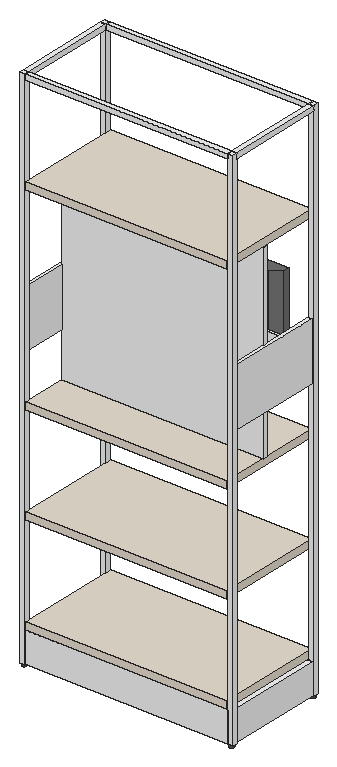
Revit family "Lives Shelf_Monitor unit 900W450D2236H_ML1HHLN_m01", category Furniture, Revit 2019
Family settings
  OmniClass Number = 23.40.20.00
  OmniClass Title = General Furniture and Specialties
  Work Plane-Based = No
  Always vertical = Yes
  Cut with Voids When Loaded = No
  Shared = No
  Room Calculation Point = No
Parameters (values of type "MU03（プライズウッドライト/ネオホワイト）")
  Manufacturer = "株式会社オカムラ"
  製品名称 [instance] = "ライブス シェルフ"  # constant formula
  製品仕様 [instance] = "モニターユニット ハイポジション用 木棚板"  # constant formula
  製品コード/色仕様 = "ML1HHE"  # constant formula
  製品コード [instance] = "ML1HHE"  # constant formula
  製品カテゴリ = "クリエイティブファニチュア"  # constant formula
  色仕様名称 [instance] = "プライズウッドライト/ネオホワイト"
  色仕様コード [instance] = "MU03"
  支柱 = okm_ZA75
  天板 = okm_MX61
  導入日 [instance] = ""
  区分 = "シェルフ"  # constant formula
  共通仕様 = ""
  備考 = ""
  シリアルNo [instance] = ""
  Keynote = "12490"
  Assembly Code = "E2020200"
  W = 35.43307"
  URL = "http://www.okamura.co.jp/"
  Product_URL = ""
  ID [instance] = ""
  H = 88.0315"
  D = 17.71654"
  Copyright [instance] = "©2020.04 okamura Corp."  # constant formula
Types (15): name | 色仕様名称 | 色仕様コード | 支柱 | 天板
  (no name) | "プライズウッドライト/ネオホワイト" | "MU03" | okm_ZA75 | okm_MX61
  MDY7（プライズウッドライト/ブラック） | "プライズウッドライト/ブラック" | "MDY7" | okm_Z25 | okm_MX61
  MDY8（プライズウッドミディアム/ブラック） | "プライズウッドミディアム/ブラック" | "MDY8" | okm_Z25 | okm_MX62
  MDY9（プライズウッドダーク/ブラック） | "プライズウッドダーク/ブラック" | "MDY9" | okm_Z25 | okm_MX63
  MU03（プライズウッドライト/ネオホワイト） | "プライズウッドライト/ネオホワイト" | "MU03" | okm_ZA75 | okm_MX61
  MU04（プライズウッドミディアム/ネオホワイト） | "プライズウッドミディアム/ネオホワイト" | "MU04" | okm_ZA75 | okm_MX62
  MU05（プライズウッドダーク/ネオホワイト） | "プライズウッドダーク/ネオホワイト" | "MU05" | okm_ZA75 | okm_MX63
  MGM4（ビンテージエルム/ネオホワイト） | "ビンテージエルム/ネオホワイト" | "MGM4" | okm_ZA75 | okm_MEP4
  MGM1（チョークドエルム/ネオホワイト） | "チョークドエルム/ネオホワイト" | "MGM1" | okm_ZA75 | okm_MEP1
  MGM2（ソーンオーク/ネオホワイト） | "ソーンオーク/ネオホワイト" | "MGM2" | okm_ZA75 | okm_MEP2
  MGM3（ラスティックパイン/ネオホワイト） | "ラスティックパイン/ネオホワイト" | "MGM3" | okm_ZA75 | okm_MEP3
  MGL4（ビンテージエルム/ブラック） | "ビンテージエルム/ブラック" | "MGL4" | okm_Z25 | okm_MEP4
  MGL1（チョークドエルム/ブラック） | "チョークドエルム/ブラック" | "MGL1" | okm_Z25 | okm_MEP1
  MGL2（ソーンオーク/ブラック） | "ソーンオーク/ブラック" | "MGL2" | okm_Z25 | okm_MEP2
  MGL3（ラスティックパイン/ブラック） | "ラスティックパイン/ブラック" | "MGL3" | okm_Z25 | okm_MEP3
Reference planes (in)
  plane 1 "中心(正面/背面)": y = -3.93701
  plane 2: z = 0
  plane 3 "中心(左/右)": x = -5.90551
  plane 4 "左": x = -23.62205
  plane 5 "右": x = 11.81102
  plane 6 "背面": y = 4.92126
  plane 7 "正面": y = -12.79528
  plane 8 "上": z = 88.0315
  plane 9: z = 87.20472
Forms (in)
  Extrusion 1, solid, material "okm_ZA75" <- "支柱"
    sketch origin (0, 0.04921, 0) x (1, 0, 0) y (0, 1, 0)
      loop
        line (10.88583, -11.91929) -> (10.88583, -12.74606) -> (11.7126, -12.74606) -> (11.7126, -11.91929) -> (10.88583, -11.91929)
      loop
        line (10.88583, 4.87205) -> (10.88583, 4.04528) -> (11.7126, 4.04528) -> (11.7126, 4.87205) -> (10.88583, 4.87205)
      loop
        line (-22.69685, -11.91929) -> (-23.52362, -11.91929) -> (-23.52362, -12.74606) -> (-22.69685, -12.74606) -> (-22.69685, -11.91929)
      loop
        line (-22.69685, 4.87205) -> (-23.52362, 4.87205) -> (-23.52362, 4.04528) -> (-22.69685, 4.04528) -> (-22.69685, 4.87205)
    from 0.3937 to 88.0315
  Extrusion 2, solid, material "okm_MX61" <- "天板"
    sketch origin (0, 0.04921, -7.45952) x (1, 0, 0) y (0, 1, 0)
      loop
        line (-22.61811, 4.87205) -> (-22.61811, -12.74606) -> (10.80709, -12.74606) -> (10.80709, 4.87205) -> (-22.61811, 4.87205)
    from 12.97134 to 14.15244
  Extrusion 3, solid, material "okm_ZA75" <- "支柱"
    sketch origin (0, 0.04921, 0) x (1, 0, 0) y (0, 1, 0)
      loop
        line (-23.52362, 4.04528) -> (-23.52362, -11.91929) -> (-22.69685, -11.91929) -> (-22.69685, 4.04528) -> (-23.52362, 4.04528)
      loop
        line (11.7126, 4.04528) -> (10.88583, 4.04528) -> (10.88583, -11.91929) -> (11.7126, -11.91929) -> (11.7126, 4.04528)
    from 88.0315 to 87.20472
  Extrusion 4, solid, material "okm_ZA75" <- "支柱"
    sketch origin (0, 0.04921, 18.11024) x (0, -1, 0) y (1, 0, 0)
      loop
        line (-4.04528, -22.61811) -> (-4.04528, -23.44488) -> (11.91929, -23.44488) -> (11.91929, -22.61811) -> (-4.04528, -22.61811)
      loop
        line (-4.04528, 11.63386) -> (-4.04528, 10.80709) -> (11.91929, 10.80709) -> (11.91929, 11.63386) -> (-4.04528, 11.63386)
    from -12.59843 to -17.71654
  Extrusion 5, solid, material "okm_ZA75" <- "支柱"
    sketch origin (-7.87402, -7.8248, 18.11024) x (-1, 0, 0) y (0, -1, 0)
      loop
        line (14.82283, -11.84055) -> (-18.75984, -11.84055) -> (-18.75984, -12.66732) -> (14.82283, -12.66732) -> (14.82283, -11.84055)
      loop
        line (14.82283, 4.79331) -> (-18.75984, 4.79331) -> (-18.75984, 3.96654) -> (14.82283, 3.96654) -> (14.82283, 4.79331)
    from -12.59843 to -17.71654
  Extrusion 6, solid, material "okm_G155"
    sketch origin (0, 0.04921, 0) x (1, 0, 0) y (0, 1, 0)
      loop
        circle (-23.11024, 4.45866) r 0.3937
      loop
        circle (-23.11024, -12.33268) r 0.3937
      loop
        circle (11.29921, 4.45866) r 0.3937
      loop
        circle (11.29921, -12.33268) r 0.3937
    from 0 to 0.3937
  Extrusion 7, solid, material "okm_ZA75" <- "支柱"
    sketch origin (-3.93701, 3.98622, 0) x (0, 1, 0) y (-1, 0, 0)
      loop
        line (-15.8563, -14.82283) -> (-15.8563, 18.75984) -> (-16.68307, 18.75984) -> (-16.68307, -14.82283) -> (-15.8563, -14.82283)
      loop
        line (0.93504, -14.82283) -> (0.93504, 18.75984) -> (0.10827, 18.75984) -> (0.10827, -14.82283) -> (0.93504, -14.82283)
    from 88.0315 to 87.20472
  Extrusion 8, solid, material "okm_MX61" <- "天板"
    sketch origin (0, 0.04921, 95.72642) x (1, 0, 0) y (0, 1, 0)
      loop
        line (-22.61811, 4.87205) -> (-22.61811, -12.74606) -> (10.80709, -12.74606) -> (10.80709, 4.87205) -> (-22.61811, 4.87205)
    from -24.86028 to -23.67918
  Extrusion 9, solid, material "okm_ZA75" <- "支柱"
    sketch origin (0, -3.93701, 0) x (1, 0, 0) y (0, 0, 1)
      loop
        line (-23.16929, 56.33858) -> (-23.16929, 46.69291) -> (-22.69685, 46.69291) -> (-22.69685, 56.33858) -> (-23.16929, 56.33858)
      loop
        line (10.88583, 56.33858) -> (10.88583, 46.69291) -> (11.35827, 46.69291) -> (11.35827, 56.33858) -> (10.88583, 56.33858)
    from -8.0315 to 7.93307
  Extrusion 10, solid, material "okm_ZA75" <- "支柱"
    sketch origin (-5.90551, 1.9685, 0) x (0, 1, 0) y (0, 0, 1)
      loop
        line (-7.09646, 70.70866) -> (-7.09646, 39.37008) -> (-6.50591, 39.37008) -> (-6.50591, 70.70866) -> (-7.09646, 70.70866)
      loop
        line (-4.04528, 56.22047) -> (-4.04528, 54.64567) -> (-3.41535, 54.64567) -> (-3.41535, 56.22047) -> (-4.04528, 56.22047)
      loop
        line (-3.41535, 48.38583) -> (-4.04528, 48.38583) -> (-4.04528, 46.81102) -> (-3.41535, 46.81102) -> (-3.41535, 48.38583)
    from -16.79134 to 16.79134
  Extrusion 11, solid, material "okm_MX61" <- "天板"
    sketch origin (0, 0.04921, 38.16819) x (0, -1, 0) y (1, 0, 0)
      loop
        line (-4.87205, -22.61811) -> (12.74606, -22.61811) -> (12.74606, 10.80709) -> (-4.87205, 10.80709) -> (-4.87205, -22.61811)
    from 0.02079 to 1.20189
  Extrusion 12, solid, material "okm_MX61" <- "天板"
    sketch origin (0, 0.04921, 20.88693) x (1, 0, 0) y (0, 1, 0)
      loop
        line (-22.61811, 4.87205) -> (-22.61811, -12.74606) -> (10.80709, -12.74606) -> (10.80709, 4.87205) -> (-22.61811, 4.87205)
    from 0.96346 to 2.14456
  Extrusion 13, solid, material "okm_black DK3"
    sketch origin (0, 0, 0) x (1, 0, 0) y (0, 1, 0)
      loop
        line (-20.54724, 2.29331) -> (-20.54724, 1.70276) -> (-19.00787, 0.52165) -> (7.19685, 0.52165) -> (8.73622, 1.70276) -> (8.73622, 2.29331) -> (-20.54724, 2.29331)
    from 46.69291 to 63.54725
  Extrusion 14, solid, material "okm_black DK3"
    sketch origin (-5.90551, 0, 0) x (0, 1, 0) y (0, 0, 1)
      loop
        line (-1.44685, 58.97638) -> (-1.44685, 47.63386) -> (0.52165, 47.63386) -> (0.52165, 60.15748) -> (-1.44685, 58.97638)
    from -6.16535 to 6.55906
  Extrusion 15, solid, material "okm_black DK3"
    sketch origin (0, -3.93701, 0) x (1, 0, 0) y (0, 0, 1)
      loop
        line (-20.54724, 63.54725) -> (-20.54724, 46.69291) -> (8.73622, 46.69291) -> (8.73622, 63.54725) -> (-20.54724, 63.54725)
      loop
        line (-19.82677, 62.9567) -> (-19.82677, 47.27559) -> (8.01063, 47.27559) -> (8.01063, 62.9567) -> (-19.82677, 62.9567)
    from -6.62402 to -6.23032
  Extrusion 16, solid, material "okm_DYS"
    sketch origin (0, -3.93701, 0) x (1, 0, 0) y (0, 0, 1)
      loop
        line (-19.82677, 62.9567) -> (-19.82677, 47.27559) -> (8.01063, 47.27559) -> (8.01063, 62.9567) -> (-19.82677, 62.9567)
    from -6.23032 to -6.42717
Cuts and joins
  joined: Extrusion 13, Extrusion 14, Extrusion 15
Lines and regions (in)
  Masking region 1
    outline origin (0, 0, 0) x (1, 0, 0) y (0, 1, 0)
      loop
        line (-23.62205, 4.92126) -> (-23.62205, -12.79528) -> (11.81102, -12.79528) -> (11.81102, 4.92126) -> (-23.62205, 4.92126)
  symbolic lines, style "okm_簡略", detail levels coarse
    curve 1: line (11.81102, 4.92126, 0) -> (-23.62205, 4.92126, 0)
    curve 2: line (-23.62205, -12.79528, 0) -> (11.81102, -12.79528, 0)
    curve 3: line (-23.62205, 4.92126, 0) -> (-23.62205, -12.79528, 0)
    curve 7: line (11.81102, 4.92126, 0) -> (11.81102, -12.79528, 0)
    curve 13: line (11.81102, 4.09449, 0) -> (-23.62205, 4.09449, 0)
    curve 14: line (-23.62205, -11.9685, 0) -> (11.81102, -11.9685, 0)
    curve 15: line (-22.79528, 4.92126, 0) -> (-22.79528, -12.79528, 0)
    curve 16: line (10.98425, -12.79528, 0) -> (10.98425, 4.92126, 0)
    curve 17: line (-22.79528, -3.41535, 0) -> (10.98425, -3.41535, 0)
    curve 18: line (10.98425, -4.04528, 0) -> (-22.79528, -4.04528, 0)
    curve 21: line (-22.79528, -9.06496, 0) -> (10.98425, -9.06496, 0)
    curve 22: line (10.98425, -8.47441, 0) -> (-22.79528, -8.47441, 0)
    curve 34: line (-20.54724, -0.26575, 0) -> (-19.00787, -1.44685, 0)
    curve 35: line (-19.00787, -1.44685, 0) -> (7.19685, -1.44685, 0)
    curve 36: line (7.19685, -1.44685, 0) -> (8.73622, -0.26575, 0)
    curve 37: line (8.73622, -0.26575, 0) -> (8.73622, 0.7185, 0)
    curve 38: line (8.73622, 0.7185, 0) -> (-20.54724, 0.7185, 0)
    curve 39: line (-20.54724, 0.7185, 0) -> (-20.54724, -0.26575, 0)
    curve 40: line (-12.07087, -1.44685, 0) -> (-12.07087, -3.41535, 0)
    curve 41: line (0.65354, -3.41535, 0) -> (0.65354, -1.44685, 0)
    curve 42: line (-20.54724, -0.26575, 0) -> (8.73622, -0.26575, 0)
  symbolic lines, style "okm_標準・詳細", detail levels medium+fine
    curve 4: line (-23.62205, 4.92126, 0) -> (11.81102, 4.92126, 0)
    curve 5: line (-23.62205, -12.79528, 0) -> (-23.62205, 4.92126, 0)
    curve 6: line (11.81102, -12.79528, 0) -> (-23.62205, -12.79528, 0)
    curve 8: line (11.81102, -12.79528, 0) -> (11.81102, 4.92126, 0)
    curve 9: line (11.81102, 4.09449, 0) -> (-23.62205, 4.09449, 0)
    curve 10: line (-22.79528, 4.92126, 0) -> (-22.79528, -12.79528, 0)
    curve 11: line (-23.62205, -11.9685, 0) -> (11.81102, -11.9685, 0)
    curve 12: line (10.98425, -12.79528, 0) -> (10.98425, 4.92126, 0)
    curve 19: line (10.98425, -3.41535, 0) -> (-22.79528, -3.41535, 0)
    curve 20: line (-22.79528, -4.04528, 0) -> (10.98425, -4.04528, 0)
    curve 23: line (10.98425, -9.06496, 0) -> (-22.79528, -9.06496, 0)
    curve 24: line (-22.79528, -8.47441, 0) -> (10.98425, -8.47441, 0)
    curve 25: line (-12.07087, -1.44685, 0) -> (-12.07087, -3.41535, 0)
    curve 26: line (0.65354, -3.41535, 0) -> (0.65354, -1.44685, 0)
    curve 27: line (-19.00787, -1.44685, 0) -> (7.19685, -1.44685, 0)
    curve 28: line (-20.54724, -0.26575, 0) -> (-19.00787, -1.44685, 0)
    curve 29: line (-20.54724, 0.7185, 0) -> (-20.54724, -0.26575, 0)
    curve 30: line (8.73622, 0.7185, 0) -> (-20.54724, 0.7185, 0)
    curve 31: line (8.73622, -0.26575, 0) -> (8.73622, 0.7185, 0)
    curve 32: line (7.19685, -1.44685, 0) -> (8.73622, -0.26575, 0)
    curve 33: line (8.73622, -0.26575, 0) -> (-20.54724, -0.26575, 0)
Dimensions and locks (in)
  equal spacing: plane 4 "左", plane 3 "中心(左/右)", plane 5 "右"
  "W": plane 4 "左" to plane 5 "右"
  equal spacing: plane 7 "正面", plane 1 "中心(正面/背面)", plane 6 "背面"
  "D": plane 7 "正面" to plane 6 "背面"
  "H": plane 8 "上" to level
  locked: plane 8 "上" to plane 9 at 0.82677
  aligned and locked: level to plane 2
  aligned and locked: Extrusion 7 to Extrusion 1  (x4)
  aligned and locked: Extrusion 9 to Extrusion 1  (x2)
  aligned and locked: Extrusion 2 to plane 6 "背面"
Automatic sketch dimensions
  plane 1 "中心(正面/背面)" to Extrusion 10 sketch curve = 1.19095"
  Extrusion 10 sketch curve to Extrusion 10 sketch curve = 0.59055"
  Extrusion 10 sketch curve to plane 1 "中心(正面/背面)" = 1.86024"  (x2)
  Extrusion 10 sketch curve to plane 1 "中心(正面/背面)" = 2.49016"  (x2)
  level to Extrusion 10 sketch curve = 39.37008"
  Extrusion 10 sketch curve to Extrusion 10 sketch curve = 7.44094"
  Extrusion 10 sketch curve to Extrusion 10 sketch curve = 1.5748"  (x2)
  Extrusion 10 sketch curve to Extrusion 10 sketch curve = 6.25984"
  Extrusion 10 sketch curve to Extrusion 10 sketch curve = 14.48819"
  Extrusion 14 sketch curve to plane 1 "中心(正面/背面)" = 2.49016"
  Extrusion 14 sketch curve to plane 9 = 28.22835"
  Extrusion 14 sketch curve to Extrusion 14 sketch curve = 11.34252"
  Extrusion 14 sketch curve to Extrusion 14 sketch curve = 1.1811"
  Extrusion 14 sketch curve to Extrusion 14 sketch curve = 1.9685"
  Masking region 1 sketch curve to plane 4 "左" = 0.0"
  Masking region 1 sketch curve to plane 5 "右" = 0.0"
  plane 7 "正面" to Masking region 1 sketch curve = 0.0"
  plane 6 "背面" to Masking region 1 sketch curve = 0.0"
  plane 6 "背面" to Extrusion 1 sketch curve = 0.0"  (x2)
  plane 4 "左" to Extrusion 1 sketch curve = 0.09843"  (x2)
  Extrusion 1 sketch curve to Extrusion 1 sketch curve = 0.82677"  (x4)
  Extrusion 1 sketch curve to plane 7 "正面" = 0.09843"  (x2)
  Extrusion 1 sketch curve to plane 5 "右" = 0.9252"  (x2)
  Extrusion 1 sketch curve to plane 5 "右" = 0.09843"  (x2)
  plane 6 "背面" to Extrusion 1 sketch curve = 0.82677"  (x2)
  plane 6 "背面" to Extrusion 2 sketch curve = 0.0"
  Extrusion 2 sketch curve to plane 7 "正面" = 0.09843"
  plane 4 "左" to Extrusion 2 sketch curve = 1.00394"
  Extrusion 2 sketch curve to plane 5 "右" = 1.00394"
  plane 4 "左" to Extrusion 3 sketch curve = 0.09843"
  Extrusion 3 sketch curve to Extrusion 3 sketch curve = 0.82677"
  Extrusion 3 sketch curve to plane 5 "右" = 0.9252"
  Extrusion 3 sketch curve to plane 5 "右" = 0.09843"
  Extrusion 3 sketch curve to plane 7 "正面" = 0.9252"  (x2)
  plane 6 "背面" to Extrusion 3 sketch curve = 0.82677"  (x2)
  plane 6 "背面" to Extrusion 4 sketch curve = 0.82677"  (x2)
  Extrusion 4 sketch curve to plane 7 "正面" = 0.9252"  (x2)
  Extrusion 4 sketch curve to plane 5 "右" = 0.17717"
  Extrusion 4 sketch curve to Extrusion 4 sketch curve = 0.82677"
  plane 4 "左" to Extrusion 4 sketch curve = 1.00394"
  plane 4 "左" to Extrusion 4 sketch curve = 0.17717"
  Extrusion 5 sketch curve to plane 5 "右" = 0.9252"  (x2)
  plane 4 "左" to Extrusion 5 sketch curve = 0.9252"  (x2)
  plane 6 "背面" to Extrusion 5 sketch curve = 0.07874"
  Extrusion 5 sketch curve to Extrusion 5 sketch curve = 0.82677"
  Extrusion 5 sketch curve to plane 7 "正面" = 1.00394"
  Extrusion 5 sketch curve to plane 7 "正面" = 0.17717"
  plane 4 "左" to Extrusion 6 sketch curve = 0.51181"  (x2)
  Extrusion 6 sketch curve to plane 5 "右" = 0.51181"  (x2)
  Extrusion 6 sketch curve to plane 7 "正面" = 0.51181"  (x2)
  plane 6 "背面" to Extrusion 6 sketch curve = 0.41339"  (x2)
  plane 6 "背面" to Extrusion 7 sketch curve = 0.0"
  Extrusion 7 sketch curve to plane 6 "背面" = 0.82677"
  plane 7 "正面" to Extrusion 7 sketch curve = 0.9252"
  plane 7 "正面" to Extrusion 7 sketch curve = 0.09843"
  Extrusion 7 sketch curve to plane 4 "左" = 0.9252"  (x2)
  plane 5 "右" to Extrusion 7 sketch curve = 0.9252"  (x2)
  plane 6 "背面" to Extrusion 8 sketch curve = 0.0"
  Extrusion 8 sketch curve to plane 7 "正面" = 0.09843"
  plane 4 "左" to Extrusion 8 sketch curve = 1.00394"
  Extrusion 8 sketch curve to plane 5 "右" = 1.00394"
  plane 4 "左" to Extrusion 9 sketch curve = 0.45276"
  Extrusion 9 sketch curve to Extrusion 9 sketch curve = 0.47244"
  Extrusion 9 sketch curve to plane 5 "右" = 0.9252"
  Extrusion 9 sketch curve to plane 5 "右" = 0.45276"
  Extrusion 9 sketch curve to plane 9 = 40.51181"
  Extrusion 9 sketch curve to Extrusion 9 sketch curve = 0.0"
  Extrusion 9 sketch curve to Extrusion 9 sketch curve = 9.64567"  (x2)
  plane 6 "背面" to Extrusion 11 sketch curve = 0.0"
  Extrusion 11 sketch curve to plane 7 "正面" = 0.09843"
  plane 4 "左" to Extrusion 11 sketch curve = 1.00394"
  Extrusion 11 sketch curve to plane 5 "右" = 1.00394"
  plane 6 "背面" to Extrusion 12 sketch curve = 0.0"
  Extrusion 12 sketch curve to plane 7 "正面" = 0.09843"
  plane 4 "左" to Extrusion 12 sketch curve = 1.00394"
  Extrusion 12 sketch curve to plane 5 "右" = 1.00394"
  plane 4 "左" to Extrusion 15 sketch curve = 3.0748"
  Extrusion 15 sketch curve to Extrusion 15 sketch curve = 0.72047"
  Extrusion 15 sketch curve to plane 5 "右" = 3.80039"
  Extrusion 15 sketch curve to Extrusion 15 sketch curve = 0.72559"
  Extrusion 15 sketch curve to plane 9 = 40.51181"
  Extrusion 15 sketch curve to Extrusion 15 sketch curve = 0.58268"
  Extrusion 15 sketch curve to Extrusion 15 sketch curve = 15.6811"
  Extrusion 15 sketch curve to Extrusion 15 sketch curve = 0.59055"
  plane 4 "左" to Extrusion 16 sketch curve = 3.79528"
  Extrusion 16 sketch curve to plane 5 "右" = 3.80039"
  Extrusion 16 sketch curve to plane 9 = 39.92913"
  Extrusion 16 sketch curve to Extrusion 16 sketch curve = 15.6811"
  curve 11 to plane 4 "左" = 0.0"
  plane 6 "背面" to curve 15 = 0.0"
  plane 7 "正面" to curve 15 = 0.0"
  curve 14 to plane 5 "右" = 0.0"
  plane 4 "左" to curve 30 = 3.0748"
  curve 28 to curve 28 = 1.53937"
  curve 36 to plane 5 "右" = 4.61417"
  curve 27 to curve 31 = 1.53937"
  curve 27 to plane 1 "中心(正面/背面)" = 2.49016"
  curve 27 to curve 37 = 1.1811"
  curve 28 to curve 30 = 0.98425"
  plane 4 "左" to curve 15 = 0.82677"
  plane 4 "左" to curve 21 = 0.82677"
  curve 25 to plane 1 "中心(正面/背面)" = 0.52165"
  curve 25 to plane 3 "中心(左/右)" = 6.16535"
  curve 40 to curve 25 = 0.0"  (x2)
  curve 26 to plane 1 "中心(正面/背面)" = 0.52165"
  plane 3 "中心(左/右)" to curve 26 = 6.55906"
  curve 41 to curve 26 = 0.0"  (x2)
  curve 24 to plane 5 "右" = 0.82677"
  curve 16 to curve 12 = 0.0"
  curve 11 to plane 7 "正面" = 0.82677"
  curve 14 to curve 11 = 0.0"
  curve 11 to curve 21 = 2.90354"
  curve 23 to curve 21 = 0.0"
  curve 21 to curve 24 = 0.59055"
  curve 22 to curve 24 = 0.0"
  plane 1 "中心(正面/背面)" to curve 18 = 0.10827"
  curve 20 to curve 18 = 0.0"
  curve 17 to plane 1 "中心(正面/背面)" = 0.52165"
  curve 19 to curve 17 = 0.0"
  curve 13 to curve 1 = 0.82677"
  curve 9 to curve 13 = 0.0"
  plane 4 "左" to Extrusion 13 sketch curve = 3.0748"
  Extrusion 13 sketch curve to Extrusion 13 sketch curve = 1.53937"  (x2)
  Extrusion 13 sketch curve to plane 5 "右" = 4.61417"
  plane 6 "背面" to Extrusion 13 sketch curve = 4.39961"
  Extrusion 13 sketch curve to Extrusion 13 sketch curve = 1.1811"  (x2)
  Extrusion 13 sketch curve to Extrusion 13 sketch curve = 0.59055"
  radius of Extrusion 6 sketch curve = 0.3937"  (x4)
